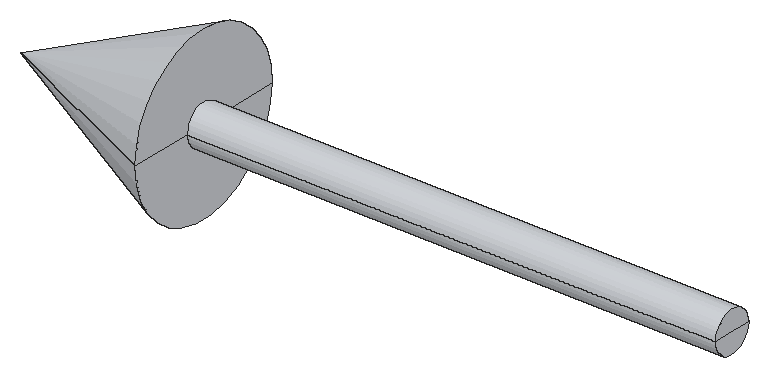
Revit family "NLRS_57_AIR_UN_airflow-arrow-open-end-round-duct-out_sacs", category Air Terminals, Revit 2020
Family settings
  Round Connector Dimension = Use Diameter
  Part Type = Normal
  Work Plane-Based = No
  Always vertical = Yes
  Cut with Voids When Loaded = No
  Shared = No
  Room Calculation Point = No
Parameters (values of type "Size 1")
  URL = "https://solid-air.nl/bim/"
  Size_multiplier = 1
  SACS_Show_Part_2 [instance] = not(SACS_Show_Part_1)  # no
  SACS_Show_Part_1 [instance] = SACS_Array_Count = 1  # yes
  SACS_Offset2 [instance] = SACS_Offset1 * 2  # 50 mm
  SACS_Offset1 [instance] = (NLRS_M_c01_diameter / SACS_Checked_Array_Count) / 2  # 25 mm
  SACS_Checked_Array_Count [instance] = if(SACS_Array_Count < 2, 2, SACS_Array_Count)  # 2
  SACS_Array_Count [instance] = NLRS_M_c01_diameter / (100 mm * Size_multiplier)  # 1
  NLRS_M_c01_diameter [instance] = 100 mm
  NLRS_M_c01_debiet [instance] = 0.0 L/s
  NLRS_C_model = "Airflow arrow - duct OUT"  # constant formula
  NLRS_C_description = "Round open end, airflow duct OUT"  # constant formula
  NLRS_C_content_versie = "1.20.00"  # constant formula
  NLRS_C_content_provider = "Solid Air Climate Systems"  # constant formula
  NLRS_C_content_datum_uitgifte = "09-06-2023"  # constant formula
  NLRS_C_content_creator = "J. Feeke"  # constant formula
  Model = "Airflow arrow - duct OUT"  # constant formula
  Manufacturer = "Solid Air Climate Systems"  # constant formula
  IfcExportType = "OPEN END"  # constant formula
  IfcExportAs = "IfcAirTerminal"  # constant formula
  IfcDescription = Description  # "Round open end, airflow duct OUT"
  Description = "Round open end, airflow duct OUT"  # constant formula
  Default Elevation = 0 mm
  Assembly Code = "57.00"
Types (4, lengths in mm): name | URL | Size_multiplier | SACS_Show_Part_2 | SACS_Show_Part_1 | SACS_Offset2 | SACS_Offset1 | SACS_Checked_Array_Count | SACS_Array_Count | NLRS_M_c01_diameter | Assembly Code
  (no name) | "https://solid-air.nl/bim/" | 1 | no | yes | 50 | 25 | 2 | 1 | 100 | "57.00"
  Size 1 | "https://solid-air.nl/bim/" | 1 | no | yes | 50 | 25 | 2 | 1 | 100 | "57.00"
  Size 1.5 | 0 | 1.5 | yes | no | 157.5 | 78.75 | 4 | 4 | 630 | 0
  Size 2 | 0 | 2 | yes | no | 210 | 105 | 3 | 3 | 630 | 0
Reference planes
  plane 1 "Center (Front/Back)": y = 0
  plane 2: z = 0
  plane 3 "Center (Left/Right)": x = 0
  plane 4: y = -50
  plane 5: y = 50
  plane 6: y = -25
  plane 7: y = 25
Forms (mm)
  Extrusion 1, solid, not visible
    sketch origin (0, 0, 0) x (0, 1, 0) y (0, 0, 1)
      loop
        circle (0, 0) r 1
    from 0 to -1
  Extrusion 2, solid, material "SACS_Label", not visible
    sketch origin (-547.644, -297.937, 0) x (1, 0, 0) y (0, 1, 0)
      loop
        arc (542.644, 302.937) -> (537.644, 297.937) -> (542.644, 292.937) r 5
        line (542.644, 292.937) -> (542.644, 297.937) -> (547.644, 292.937) -> (547.644, 297.937) -> (542.644, 302.937)
    from 0 to 2
  Extrusion 3, solid, material "SACS_Label", not visible
    sketch origin (0, 0, 0) x (1, 0, 0) y (0, 1, 0)
      loop
        arc (5, -5) -> (10, 0) -> (5, 5) r 5
        line (5, 5) -> (5, 0) -> (0, 5) -> (0, 0) -> (5, -5)
    from 0 to 2
Dimensions and locks
  equal spacing: plane 5, plane 1 "Center (Front/Back)", plane 4
  "NLRS_M_c01_diameter": plane 5 to plane 4
  "SACS_Offset1": plane 6 to plane 4
  group 1 to group 2 = 0 mm  (x2)
  group 1 to group 2 = 50 mm
  "SACS_Offset2": plane 7 to plane 6
  aligned and locked: level to plane 2
  aligned and locked: Extrusion 1 to plane 3 "Center (Left/Right)"
  aligned and locked: level to nested 2
  aligned and locked: plane 3 "Center (Left/Right)" to nested 3
  aligned and locked: plane 1 "Center (Front/Back)" to nested 3
Automatic sketch dimensions
  Extrusion 1 sketch curve to level = 0 mm
  Extrusion 1 sketch curve to plane 1 "Center (Front/Back)" = 0 mm
  plane 1 "Center (Front/Back)" to Extrusion 2 sketch curve = 0 mm  (x3)
  Extrusion 2 sketch curve to plane 3 "Center (Left/Right)" = 0 mm
  Extrusion 2 sketch curve to plane 3 "Center (Left/Right)" = 5 mm
  Extrusion 2 sketch curve to Extrusion 2 sketch curve = 5 mm
  Extrusion 2 sketch curve to Extrusion 2 sketch curve = 0 mm
  plane 1 "Center (Front/Back)" to Extrusion 3 sketch curve = 0 mm  (x3)
  Extrusion 3 sketch curve to plane 3 "Center (Left/Right)" = 0 mm
  Extrusion 3 sketch curve to Extrusion 3 sketch curve = 5 mm  (x2)
  Extrusion 3 sketch curve to plane 1 "Center (Front/Back)" = 5 mm
  radius of Extrusion 1 sketch curve = 1 mm
Nested families
  nested 1: "Arrow_out" at (0, 0, 0), visible <- "SACS_Show_Part_1", type "Arrow_out"
  nested 2: "Arrow_out" at (200, 0, 0) x (-1, 0, 0) z (0, -1, 0), type "Arrow_out"
  nested 3: "arrow_3d_out" at (0, 0, 0), visible <- "SACS_Show_Part_1", type "arrow_3d_out"
  nested 4: "Arrow_out" at (0, -25, 0), visible <- "SACS_Show_Part_2", type "Arrow_out"
  nested 5: "arrow_3d_out" at (0, -25, 0), visible <- "SACS_Show_Part_2", type "arrow_3d_out"
  nested 6: "Arrow_out" at (0, 25, 0), visible <- "SACS_Show_Part_2", type "Arrow_out"
  nested 7: "arrow_3d_out" at (0, 25, 0), visible <- "SACS_Show_Part_2", type "arrow_3d_out"
Connectors
  hvac at (0, 0, 0), driven by "NLRS_M_c01_diameter", driven by "NLRS_M_c01_debiet"
    settings: on Extrusion 1, index 1, duct flow 0.0 L/s, flow factor 0, pres drop 0.0 Pa, loss coef 0, conn angle 0.00°, conn width 304.8 mm, conn height 304.8 mm, conn diameter 100 mm, duct sys type 29, conn prof type 0, flow config 1, flow direction 1, loss method 4, conn ref index -1, conn util no, is conn primary yes, conn desc ""
Definition of nested family "arrow_3d_out"
  Parameters (values of type "arrow_3d_out")
    size_multiplier = 1
    dummy = 1  # constant formula
    Tail_Width = size_multiplier * 5 mm * dummy  # 5 mm
    Tail_End = size_multiplier * 130 mm * dummy  # 130 mm
    Head_Width = size_multiplier * 21 mm * dummy  # 21 mm
    Tail_Start = size_multiplier * 25 mm * dummy  # 25 mm
    Head_End = size_multiplier * 45 mm * dummy  # 45 mm
    Default Elevation = 0 mm
  Reference planes
    plane 1 "Center (Front/Back)": y = 0
    plane 2: z = 0
    plane 3 "Center (Left/Right)": x = 0
    plane 4: y = -21
    plane 5: y = -5
    plane 6: x = -25
    plane 7: x = -155
    plane 8: x = -200
  Forms (mm)
    Extrusion 1, solid, not visible
      sketch origin (0, 0, 0) x (0, 1, 0) y (0, 0, 1)
        loop
          circle (0, 0) r 1
      from 0 to -1
    Extrusion 2, solid, not visible
      sketch origin (-547.644, -297.937, 0) x (1, 0, 0) y (0, 1, 0)
        loop
          arc (542.644, 302.937) -> (537.644, 297.937) -> (542.644, 292.937) r 5
          line (542.644, 292.937) -> (542.644, 297.937) -> (547.644, 292.937) -> (547.644, 297.937) -> (542.644, 302.937)
      from 0 to 2
    Extrusion 3, solid, not visible
      sketch origin (0, 0, 0) x (1, 0, 0) y (0, 1, 0)
        loop
          arc (5, -5) -> (10, 0) -> (5, 5) r 5
          line (5, 5) -> (5, 0) -> (0, 5) -> (0, 0) -> (5, -5)
      from 0 to 2
    Revolve 4, solid
      sketch origin (0, 0, 0) x (1, 0, 0) y (0, 1, 0)
        loop
          line (-25, 0) -> (-200, 0) -> (-155, -21) -> (-155, -5) -> (-25, -5) -> (-25, 0)
        axis (-25, 0) -> (-200, 0)
      angle from 0 to 360
  Dimensions and locks
    "Tail_Width": plane 5 to plane 1 "Center (Front/Back)"
    "Head_Width": plane 4 to plane 1 "Center (Front/Back)"
    Extrusion 3 sketch curve to plane 1 "Center (Front/Back)" = 5 mm
    Extrusion 2 sketch curve to plane 1 "Center (Front/Back)" = 5 mm  (x2)
    "Tail_Start": plane 6 to plane 3 "Center (Left/Right)"
    "Tail_End": plane 7 to plane 6
    "Head_End": plane 8 to plane 7
    radius of Extrusion 3 sketch curve = 5 mm
    radius of Extrusion 2 sketch curve = 5 mm
    aligned and locked: level to plane 2
    aligned and locked: Extrusion 1 to plane 3 "Center (Left/Right)"
    aligned and locked: plane 8 to Revolve 4 sketch curve  (x2)
    aligned and locked: Revolve 4 sketch curve to plane 1 "Center (Front/Back)"  (x2)
    aligned and locked: plane 5 to Revolve 4 sketch curve
    aligned and locked: plane 7 to Revolve 4 sketch curve
    aligned and locked: plane 4 to Revolve 4 sketch curve
    aligned and locked: plane 6 to Revolve 4 sketch curve  (x2)
  Automatic sketch dimensions
    Extrusion 1 sketch curve to level = 0 mm
    Extrusion 1 sketch curve to plane 1 "Center (Front/Back)" = 0 mm
    plane 1 "Center (Front/Back)" to Extrusion 2 sketch curve = 0 mm  (x2)
    Extrusion 2 sketch curve to plane 3 "Center (Left/Right)" = 0 mm
    Extrusion 2 sketch curve to plane 3 "Center (Left/Right)" = 5 mm
    plane 1 "Center (Front/Back)" to Extrusion 3 sketch curve = 0 mm  (x2)
    Extrusion 3 sketch curve to plane 3 "Center (Left/Right)" = 0 mm
    Extrusion 3 sketch curve to Extrusion 3 sketch curve = 5 mm
    Extrusion 3 sketch curve to plane 1 "Center (Front/Back)" = 5 mm
    radius of Extrusion 1 sketch curve = 1 mm
Definition of nested family "Arrow_out"
  Parameters (values of type "Arrow_out")
    size_multiplier = 1
    dummy = 1  # constant formula
    Tail_End = size_multiplier * 130 mm * dummy  # 130 mm
    Head_Width = size_multiplier * 21 mm * dummy  # 21 mm
    Tail_Start = size_multiplier * 25 mm * dummy  # 25 mm
    Head_End = size_multiplier * 45 mm * dummy  # 45 mm
  Reference planes
    plane 1 "Center (Front/Back)": y = 0
    plane 2: z = 0
    plane 3 "Center (Left/Right)": x = 0
    plane 4: y = 21
    plane 5: y = -21
    plane 6: x = -25
    plane 7: x = -155
    plane 8: x = -200
  Lines and regions (mm)
    Filled region 1, type "Solid Fill - Black", in view "Ref. Level"
      outline origin (-225, 0, 0) x (0, -1, 0) y (1, 0, 0)
        loop
          line (0, 25) -> (21, 70) -> (-21, 70) -> (0, 25)
    detail lines, in view "Ref. Level"
      curve 1: line (-25, 0, 0) -> (-155, 0, 0)
  Dimensions and locks
    "Head_Width": plane 4 to plane 1 "Center (Front/Back)" to plane 5
    "Tail_Start": plane 6 to plane 3 "Center (Left/Right)"
    "Tail_End": plane 7 to plane 6
    "Head_End": plane 8 to plane 7
    aligned and locked: plane 7 to curve 1
    aligned and locked: Filled region 1 to plane 7
    aligned and locked: plane 7 to Filled region 1 sketch curve
    aligned and locked: plane 1 "Center (Front/Back)" to curve 1
    aligned and locked: plane 1 "Center (Front/Back)" to Filled region 1 sketch curve
    aligned and locked: plane 5 to Filled region 1 sketch curve
    aligned and locked: plane 4 to Filled region 1 sketch curve
    aligned and locked: plane 8 to Filled region 1 sketch curve
    aligned and locked: plane 6 to curve 1
